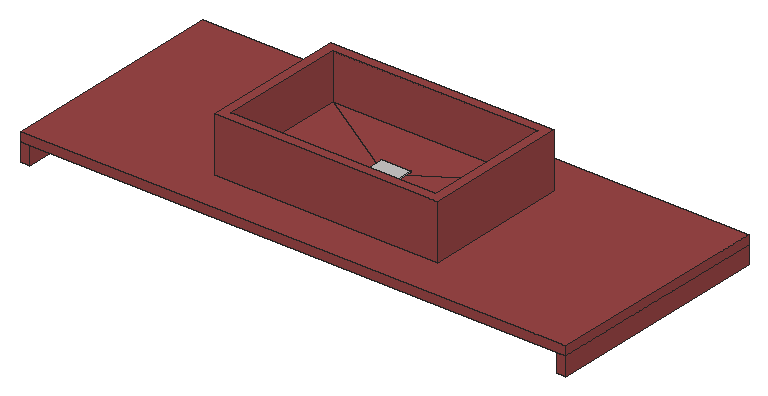
Revit family "Sanitary_Basins_Cosentino_Basic1", category Plumbing Fixtures, host Wall, Revit 2020
Family settings
  Host = Wall
  Round Connector Dimension = Use Diameter
  Part Type = Normal
  Always vertical = Yes
  Cut with Voids When Loaded = No
  Shared = No
  Room Calculation Point = No
Parameters (values of type "450x280x70mm")
  Ι_Wdth Cntrl [instance] = if(Width < 500 mm, 500 mm, if(Width > 600 mm, 600 mm, Width))  # 500 mm
  Ι_Vd Dstnc [instance] = if(Tap Hole, 20 mm, 40 mm)  # 40 mm
  Ι_Typ Ntgr = 1
  Ι_SW = if(Ι_Typ Ntgr = 1, 280 mm, 330 mm)  # 280 mm
  Ι_SL = if(Ι_Typ Ntgr = 1, 450 mm, 660 mm)  # 450 mm
  Ι_SH = if(Ι_Typ Ntgr = 1, 70 mm, 80 mm)  # 70 mm
  Ι_Lngth Cntrl [instance] = if(Length < 1200 mm, 1200 mm, if(Length > 3000 mm, 3000 mm, Length))  # 1200 mm
  Ι_Ffst 2 [instance] = if(Front Offset < 50 mm, 50 mm, 80 mm)  # 80 mm
  Ι_Ffst [instance] = if((Side Offset < Ι_SO_mn), Ι_SO_mn, if(and((Side Offset > Ι_SO_mx), (Ι_Lngth Cntrl - Side Offset) > (490 mm + Ι_SO_mn)), Ι_SO_mx, if(and((Side Offset > Ι_SO_mx), Side Offset > (Ι_Lngth Cntrl - 490 mm - Ι_SO_mn)), Ι_Lngth Cntrl - 490 mm - Ι_SO_mn, if(and((Ι_Lngth Cntrl - Ι_SO_mn - 490 mm) > Ι_SO_mx, Side Offset > Ι_SO_mx), Ι_SO_mx, if(and((Ι_Lngth Cntrl - Ι_SO_mx - 490 mm) > Ι_SO_mn, Side Offset > Ι_SO_mn), Ι_SO_mn, if((Ι_Lngth Cntrl - Side Offset) < (490 mm + 2 * Ι_SO_mn), Ι_SO_mn, Side Offset))))))  # 100 mm
  Width [instance] = 500 mm
  Vent Connection = no
  URL = "www.cosentino.com"
  Tap Hole [instance] = no
  Standard Edge [instance] = yes
  Side Offset [instance] = Length / 2  # 600 mm
  Ι_SO_mn [instance] = if(Standard Edge, 100 mm, 120 mm)  # 100 mm
  Ι_SO_mx [instance] = if(Standard Edge, 2410 mm, 2370 mm)  # 2410 mm
  Product data url = "https://www.bimobject.com/cosentino/product/cosentino-basic"
  Product Material = Natural Stone - Cosentino - Silestone - Lagoon - Suede
  Product Guid = "8af16e40-fdf9-4325-84ae-71efc3e565d3"
  Model = "Basic"
  Manufacturer = "Cosentino"
  Length [instance] = 1200 mm
  Keynote = "10800"
  Height [instance] = if(and(Standard Edge, Ι_Typ Ntgr = 1), 100 mm, if(and(Standard Edge, Ι_Typ Ntgr = 2), 140 mm, if(and(not(Standard Edge), Ι_Typ Ntgr = 1), 90 mm, 130 mm)))  # 100 mm
  HW Connection = no
  Front Offset [instance] = 80 mm  # constant formula
  Edition number = 1
  Description = "The basin is one of the stars of your bathroom. Cosentino offers unique designs which fit smoothly into your room, your style, and the needs of your family.\r\n\r\nWhether it’s for a master bathroom or a downstairs WC, we have the perfect product to transform your bathroom into a warm, welcoming space."
  Default Elevation = 0 mm
  CW Connection = no
  Assembly Code = "D2010400"
Reference planes
  plane 1 "Wall": y = 0
  plane 2 "Center (Left/Right)": x = 125
  plane 3 "Back": y = 75
  plane 4: x = -475
  plane 5: x = 725
  plane 6 "Front": y = 575
  plane 7: x = -455
  plane 8: x = 705
  plane 9 "Top": z = 900
  plane 10: x = -100
  plane 11: x = 125
  plane 12: x = 350
  plane 13: x = -97.5
  plane 14: x = 347.5
  plane 15: y = 465
  plane 16: y = 555
  plane 17: y = 185
  plane 18: y = 325
  plane 19: z = 720
  plane 20: z = 800
  plane 21: z = 780
  plane 22 "Void": z = 740
  plane 23: z = 775
  plane 24: z = 797.5
  plane 25: z = 760
Forms (mm)
  Extrusion 1, solid, material "Natural Stone - Cosentino - Silestone - Lagoon - Suede" <- "Product Material", detail levels medium+fine
    sketch origin (0, 0, 900) x (1, 0, 0) y (0, 1, 0)
      loop
        line (-475, 575) -> (-475, 75) -> (725, 75) -> (725, 575) -> (-475, 575)
      loop
        circle (125, 325) r 50
    from -120 to -140
  Extrusion 2, void
    sketch origin (0, 0, 900) x (1, 0, 0) y (0, 1, 0)
      loop
        circle (125, 130) r 15.875
    from -160 to -140
  Extrusion 3, solid, material "Natural Stone - Cosentino - Silestone - Lagoon - Suede" <- "Product Material", visible <- "Standard Edge", detail levels medium+fine
    sketch origin (0, 0, 900) x (1, 0, 0) y (0, 1, 0)
      loop
        line (-475, 575) -> (-475, 75) -> (-455, 75) -> (-455, 555) -> (705, 555) -> (705, 75) -> (725, 75) -> (725, 575) -> (-475, 575)
    from -180 to -140
  Extrusion 4, solid, not visible
    sketch origin (2359.306, 225, 780) x (1, 0, 0) y (0, 1, 0)
      loop
        circle (-2234.306, 100) r 1
    from 0 to 1
  Extrusion 5, solid, material "Natural Stone - Cosentino - Silestone - Lagoon - Suede" <- "Product Material", detail levels fine
    sketch origin (2359.306, 225, 780) x (1, 0, 0) y (0, 1, 0)
      loop
        line (-2479.306, -60) -> (-1989.306, -60) -> (-1989.306, 260) -> (-2479.306, 260) -> (-2479.306, -60)
    from 0 to 20
  Extrusion 6, solid, material "Natural Stone - Cosentino - Silestone - Lagoon - Suede" <- "Product Material", detail levels fine
    sketch origin (2359.306, 225, 780) x (1, 0, 0) y (0, 1, 0)
      loop
        line (-2479.306, 260) -> (-2479.306, -60) -> (-1989.306, -60) -> (-1989.306, 260) -> (-2479.306, 260)
      loop
        line (-2009.306, -40) -> (-2009.306, 240) -> (-2459.306, 240) -> (-2459.306, -40) -> (-2009.306, -40)
    from 20 to 120
  Revolve 7, void
    sketch origin (-920.737, 325, 1200) x (-1, 0, 0) y (0, 0, 1)
      loop
        line (-1045.737, -420) -> (-1045.737, -400) -> (-1077.237, -400) -> (-1077.237, -405) -> (-1067.237, -407) -> (-1067.237, -420) -> (-1045.737, -420)
      axis (-1045.737, -420) -> (-1045.737, -400)
    angle from 0 to 360
  Extrusion 8, solid, material "Natural Stone - Cosentino - Silestone - Lagoon - Suede" <- "Product Material", detail levels coarse
    sketch origin (2359.306, 225, 780) x (1, 0, 0) y (0, 1, 0)
      loop
        line (-2834.306, 350) -> (-2834.306, -150) -> (-1634.306, -150) -> (-1634.306, 350) -> (-2834.306, 350)
    from -60 to 120
  Extrusion 9, solid, material "Natural Stone - Cosentino - Silestone - Lagoon - Suede" <- "Product Material", detail levels medium
    sketch origin (2359.306, 225, 780) x (1, 0, 0) y (0, 1, 0)
      loop
        line (-2479.306, 260) -> (-2479.306, -60) -> (-1989.306, -60) -> (-1989.306, 260) -> (-2479.306, 260)
    from 0 to 17.5
  Extrusion 10, solid, material "Natural Stone - Cosentino - Silestone - Lagoon - Suede" <- "Product Material", detail levels medium
    sketch origin (2359.306, 225, 800) x (1, 0, 0) y (0, 1, 0)
      loop
        line (-2479.306, 260) -> (-2479.306, -60) -> (-1989.306, -60) -> (-1989.306, 260) -> (-2479.306, 260)
      loop
        line (-2009.306, -40) -> (-2009.306, 240) -> (-2459.306, 240) -> (-2459.306, -40) -> (-2009.306, -40)
    from -2.5 to 100
  Extrusion 11, void
    sketch origin (2359.306, 225, 775) x (1, 0, 0) y (0, 1, 0)
      loop
        circle (-2234.306, 100) r 15.875
    from 0 to 5
  Blend 12, void
    base sketch origin (2359.306, 225, 800) x (1, 0, 0) y (0, 1, 0)
      loop
        line (-2459.306, 240) -> (-2459.306, -40) -> (-2009.306, -40) -> (-2009.306, 240) -> (-2459.306, 240)
    top sketch origin (2359.306, 225, 800) x (1, 0, 0) y (0, 1, 0)
      loop
        line (-2261.17, 116.448) -> (-2261.17, 83.552) -> (-2207.441, 83.552) -> (-2207.441, 116.448) -> (-2261.17, 116.448)
    from 0 to -2.5
  Extrusion 13, solid, material "Metal - Cosentino - Stainless Steel", detail levels medium+fine
    sketch origin (2359.306, 225, 800) x (1, 0, 0) y (0, 1, 0)
      loop
        line (-2264.806, 67.5) -> (-2203.806, 67.5)
        arc (-2203.806, 67.5) -> (-2202.391, 68.086) -> (-2201.806, 69.5) r 2
        line (-2201.806, 69.5) -> (-2201.806, 130.5)
        arc (-2201.806, 130.5) -> (-2202.391, 131.914) -> (-2203.806, 132.5) r 2
        line (-2203.806, 132.5) -> (-2264.806, 132.5)
        arc (-2264.806, 132.5) -> (-2266.22, 131.914) -> (-2266.806, 130.5) r 2
        line (-2266.806, 130.5) -> (-2266.806, 69.5)
        arc (-2266.806, 69.5) -> (-2266.22, 68.086) -> (-2264.806, 67.5) r 2
    from 0 to -2
Cuts and joins
  Extrusion 2 cuts Extrusion 1
  Revolve 7, Blend 12 cuts Extrusion 5
  Revolve 7 cuts Extrusion 6
  joined: Extrusion 5, Extrusion 6
  Extrusion 11 cuts Extrusion 8
  joined: Extrusion 9, Extrusion 10
Text (mm)
  text "Placement Side" at (-1848.837, 1116.779, 0), in view "Ref. Level"
  text "Placement side" at (0, 1409.804, 2854.306), in view "Left"
  text "Placement side" at (0, 499.811, 2980.732), in view "Right"
Dimensions and locks
  locked: plane 3 "Back" to host wall
  locked: plane 4 to plane 7 at 20
  locked: plane 8 to plane 5 at 20
  "Ι_Lngth Cntrl": plane 4 to plane 5
  equal spacing: plane 10, plane 11, plane 12
  "Ι_SL": plane 10 to plane 12
  locked: plane 10 to plane 13 at 2.5
  locked: plane 14 to plane 12 at 2.5
  locked: plane 6 "Front" to plane 16 at 20
  "Ι_SW": plane 15 to plane 17
  equal spacing: plane 3 "Back", Extrusion 2 sketch curve, plane 17
  locked: plane 21 to plane 20 at 20
  locked: plane 21 to plane 9 "Top" at 120
  locked: plane 22 "Void" to Extrusion 2 at 20
  locked: plane 23 to plane 9 "Top" at 125
  equal spacing: plane 4, plane 2 "Center (Left/Right)", plane 5
  locked: Extrusion 5 sketch curve to plane 10 at 20
  locked: plane 12 to Extrusion 5 sketch curve at 20
  locked: Extrusion 5 sketch curve to plane 15 at 20
  locked: plane 17 to Extrusion 5 sketch curve at 20
  locked: plane 17 to Extrusion 6 sketch curve at 20
  locked: Extrusion 6 sketch curve to plane 15 at 20
  locked: Extrusion 6 sketch curve to plane 10 at 20
  locked: plane 12 to Extrusion 6 sketch curve at 20
  Revolve 7 sketch curve to Revolve 7 sketch curve to plane 11 = 10 mm locked, 21.5 mm locked
  plane 21 to Revolve 7 sketch curve to Revolve 7 sketch curve = 13 mm locked, 2 mm locked
  locked: Extrusion 9 sketch curve to plane 15 at 20
  locked: plane 17 to Extrusion 9 sketch curve at 20
  locked: Extrusion 9 sketch curve to plane 10 at 20
  locked: plane 12 to Extrusion 9 sketch curve at 20
  locked: plane 12 to Extrusion 10 sketch curve at 20
  locked: Extrusion 10 sketch curve to plane 10 at 20
  locked: plane 17 to Extrusion 10 sketch curve at 20
  locked: Extrusion 10 sketch curve to plane 15 at 20
  locked: plane 24 to plane 20 at 2.5
  locked: Extrusion 13 sketch curve to Extrusion 13 sketch curve at 65  (x2)
  equal spacing: Extrusion 13 sketch curve, plane 11, Extrusion 13 sketch curve
  equal spacing: Extrusion 13 sketch curve, plane 18, Extrusion 13 sketch curve
  locked: Extrusion 13 to plane 20 at 2
  Extrusion 13 sketch curve to plane 11 to Extrusion 13 sketch curve = 30.5 mm locked, 30.5 mm locked  (x2)
  Extrusion 13 sketch curve to plane 18 to Extrusion 13 sketch curve = 30.5 mm locked, 30.5 mm locked  (x2)
  locked: plane 25 to plane 21 at 20
  "Ι_Vd Dstnc": plane 22 "Void" to plane 21
  Blend 12 sketch curve to plane 11 to Blend 12 sketch curve = 26.865 mm locked, 26.865 mm locked
  Blend 12 sketch curve to plane 18 to Blend 12 sketch curve = 16.448 mm locked, 16.448 mm locked
  "Ι_Wdth Cntrl": plane 3 "Back" to plane 6 "Front"
  equal spacing: plane 15, plane 18, plane 17
  equal spacing: plane 6 "Front", plane 18, plane 3 "Back"
  locked: plane 19 to plane 21 at 60
  aligned and locked: plane 1 "Wall" to host wall
  aligned and locked: Extrusion 1 sketch curve to plane 3 "Back"
  aligned and locked: Extrusion 1 sketch curve to plane 6 "Front"
  aligned and locked: plane 5 to Extrusion 1 sketch curve
  aligned and locked: plane 4 to Extrusion 1 sketch curve
  aligned and locked: plane 11 to Extrusion 2 sketch curve
  aligned and locked: Extrusion 2 to plane 22 "Void"
  aligned and locked: plane 6 "Front" to Extrusion 3 sketch curve
  aligned and locked: Extrusion 3 sketch curve to plane 4
  aligned and locked: plane 7 to Extrusion 3 sketch curve
  aligned and locked: Extrusion 3 sketch curve to plane 16
  aligned and locked: Extrusion 3 sketch curve to plane 5
  aligned and locked: plane 8 to Extrusion 3 sketch curve
  aligned and locked: plane 3 "Back" to Extrusion 3 sketch curve  (x2)
  aligned and locked: plane 19 to Extrusion 3
  aligned and locked: plane 11 to Extrusion 4 sketch curve
  aligned and locked: plane 18 to Extrusion 4 sketch curve
  aligned and locked: plane 20 to Extrusion 5
  aligned and locked: plane 10 to Extrusion 6 sketch curve
  aligned and locked: Extrusion 6 sketch curve to plane 15
  aligned and locked: Extrusion 6 sketch curve to plane 12
  aligned and locked: plane 17 to Extrusion 6 sketch curve
  aligned and locked: Extrusion 6 to plane 20
  aligned and locked: Revolve 7 sketch curve to plane 11  (x2)
  aligned and locked: plane 21 to Revolve 7 sketch curve
  aligned and locked: plane 20 to Revolve 7 sketch curve
  aligned and locked: plane 5 to Extrusion 8 sketch curve
  aligned and locked: Extrusion 8 sketch curve to plane 3 "Back"
  aligned and locked: Extrusion 8 sketch curve to plane 6 "Front"
  aligned and locked: plane 4 to Extrusion 8 sketch curve
  aligned and locked: plane 9 "Top" to Extrusion 8
  aligned and locked: plane 10 to Extrusion 10 sketch curve
  aligned and locked: Extrusion 10 sketch curve to plane 15
  aligned and locked: Extrusion 10 sketch curve to plane 12
  aligned and locked: plane 17 to Extrusion 10 sketch curve
  aligned and locked: plane 11 to Extrusion 11 sketch curve
  aligned and locked: plane 18 to Extrusion 11 sketch curve
  aligned and locked: plane 21 to Extrusion 11
  aligned and locked: Blend 12 sketch curve to plane 12
  aligned and locked: plane 17 to Blend 12 sketch curve
  aligned and locked: Blend 12 sketch curve to plane 15
  aligned and locked: plane 10 to Blend 12 sketch curve
  aligned and locked: Blend 12 to plane 24
  aligned and locked: plane 24 to Extrusion 9
  aligned and locked: Extrusion 10 to plane 24
  aligned and locked: cut or joined group of Extrusion 1, Extrusion 2 to plane 21
  aligned and locked: cut or joined group of Extrusion 1, Extrusion 2 to plane 25
  aligned and locked: plane 18 to Extrusion 1 sketch curve
  aligned and locked: plane 11 to Extrusion 1 sketch curve
  aligned and locked: plane 25 to Extrusion 3
  aligned and locked: plane 9 "Top" to Extrusion 10
  aligned and locked: plane 9 "Top" to cut or joined group of Extrusion 5, Extrusion 6, Revolve 7, Blend 12
  aligned and locked: cut or joined group of Extrusion 8, Extrusion 11 to plane 19
  aligned and locked: plane 2 "Center (Left/Right)" to plane 11
Automatic sketch dimensions
  Revolve 7 sketch curve to plane 23 = 200 mm
  plane 9 "Top" to Revolve 7 sketch curve = 340 mm
  radius of Extrusion 2 sketch curve = 15.875 mm
  radius of Extrusion 4 sketch curve = 1 mm
  radius of Extrusion 11 sketch curve = 15.875 mm
  radius of Extrusion 1 sketch curve = 50 mm
Connectors
  piping at (125, 325, 780), diameter 35
    settings: on Extrusion 4, index 1, connector inside diameter 609.6 mm, connector length 0 mm, flow factor 0, pipe flow 0.0 L/s, pressure drop 0.0 Pa, fitting loss kfactor 0, connector angle 0.00°, fixture units 0, engagement length 0 mm, angle of deflection 0.00°, flow configuration 3, flow direction 2, fitting loss method 0, system type 16, joint type 0, gender type 0, connector reference index -1, connector utility 0, adjustable connector no, is connector primary yes, connector description ""
